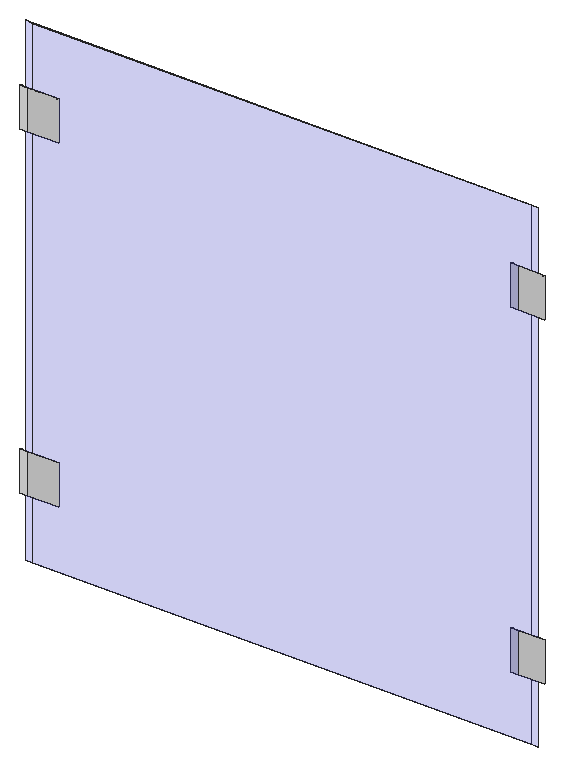
Revit family "Glass Panel w fixings", category 난간동자, Revit 2026
Family settings
  항상 수직 = 예
  로드될 때 보이드를 사용하여 절단 = 아니오
  공유 = 아니오
Parameters
  Width = 1000 mm
  Vertical Gap = 10 mm
  built-in parameter 1008623 [instance] = (empty or 0)
  built-in parameter 1008625 [instance] = 35.00°
  Post = no
  built-in parameter 1008624 [instance] = (empty or 0)
  built-in parameter 1008622 [instance] = 750 mm
Reference planes
  plane 1 "Center (Front/Back)": y = 0
  plane 2: z = 0
  plane 3 "Center (Left/Right)": x = 0
  plane 4 "Top": z = 750
  plane 5 "Top Cut Angle": through (0, 352.385, 503.258) normal (0, -0.5736, -0.8192)
  plane 6 "Bottom Cut Angle": through (0, 0, 0) normal (0, -0.5736, -0.8192)
  plane 7 "Front": y = 500
  plane 8 "Back": y = -500
  plane 9: y = -490
  plane 10: y = 490
  plane 11: through (0, 57.358, 81.915) normal (0, -0.5736, -0.8192)
  plane 12: y = -440
  plane 13: through (0, 295.027, 421.342) normal (0, -0.5736, -0.8192)
  plane 14: y = 450
Forms (mm)
  Extrusion 1, solid, material "Glass"
    sketch origin (0, 0, 0) x (0, 1, 0) y (0, 0, 1)
      loop
        line (490, 406.898) -> (-490, 1093.102) -> (-490, 343.102) -> (490, -343.102) -> (490, 406.898)
    from -6 to 6
  Extrusion 2, solid, material "Metal - Steel"
    sketch origin (0, 0, 0) x (0, 1, 0) y (0, 0, 1)
      loop
        line (-500, 441.662) -> (-440, 399.649) -> (-440, 460.688) -> (-500, 502.701) -> (-500, 441.662)
      loop
        line (-500, 947.507) -> (-440, 905.494) -> (-440, 966.533) -> (-500, 1008.546) -> (-500, 947.507)
      loop
        line (500, -197.507) -> (450, -162.497) -> (450, -223.535) -> (500, -258.546) -> (500, -197.507)
      loop
        line (500, 308.338) -> (450, 343.349) -> (450, 282.31) -> (500, 247.299) -> (500, 308.338)
    from -6 to 6
Text (mm)
  text "Baluster Panel Elevation" at (0, 774.199, 1016.929), in view "Left"
Dimensions and locks
  "built-in parameter 1008622": plane 2 to plane 4 "Top"
  equal spacing: plane 7 "Front", plane 1 "Center (Front/Back)", plane 8 "Back"
  "Width": plane 7 "Front" to plane 8 "Back"
  "Vertical Gap": plane 8 "Back" to plane 9
  "Vertical Gap": plane 10 to plane 7 "Front"
  plane 6 "Bottom Cut Angle" to plane 11 = 100 mm
  locked: Extrusion 1 to plane 12 at 50
  locked: plane 13 to plane 5 "Top Cut Angle" at 100
  locked: plane 14 to plane 7 "Front" at 50
  equal spacing: Extrusion 2 sketch curve, plane 11, Extrusion 2 sketch curve
  locked: Extrusion 2 sketch curve to Extrusion 2 sketch curve at 50  (x2)
  equal spacing: Extrusion 2 sketch curve, plane 13, Extrusion 2 sketch curve
  "built-in parameter 1008625": angle plane 4 "Top" to plane 5 "Top Cut Angle"
  "built-in parameter 1008625": angle level to plane 6 "Bottom Cut Angle"
  aligned and locked: Extrusion 1 sketch curve to plane 5 "Top Cut Angle"
  aligned and locked: Extrusion 1 sketch curve to plane 6 "Bottom Cut Angle"
  aligned and locked: Extrusion 1 sketch curve to plane 9
  aligned and locked: plane 10 to Extrusion 1 sketch curve
  aligned and locked: Extrusion 2 sketch curve to plane 12
  aligned and locked: plane 12 to Extrusion 2 sketch curve
  aligned and locked: Extrusion 2 sketch curve to plane 14  (x2)
Automatic sketch dimensions
  Extrusion 2 sketch curve to plane 8 "Back" = 0 mm  (x2)
  Extrusion 2 sketch curve to plane 12 = 0 mm
  Extrusion 2 sketch curve to plane 7 "Front" = 0 mm  (x2)
  plane 11 to Extrusion 2 sketch curve = 25 mm  (x2)
  plane 13 to Extrusion 2 sketch curve = 25 mm  (x2)
  Extrusion 2 sketch curve to plane 13 = 25 mm  (x2)
  Extrusion 2 sketch curve to plane 11 = 25 mm  (x2)
